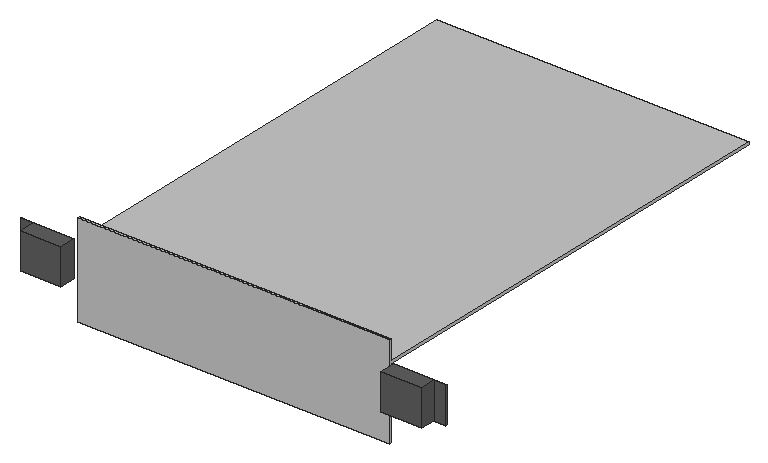
Revit family "PAL", category Specialty Equipment, host Floor, Revit 2015
Parameters (values of type "106.5 Barrier Lip")
  URL = "http://sercoentrematic.com/"
  Model = "PAL"
  Manufacturer = "Serco Entrematic"
  Description = "Power Assist Leveler"
  LipExtension = 0' - 5"
  PitWidth = 6' - 7"
  PitLength = 9' - 3"
  PitDepthR = PitDepth - 0' 0 1/2"  # 1' - 11 1/2"
  PitDepth = 2' - 0"
  LipLength = 1' - 6"
  Curb = 0' - 3"
  Capacity = "30-50k"
Types (18): name | LipExtension | PitWidth | PitLength | PitDepthR | PitDepth
  6 | 0' - 0" | 6' - 1" | 5' - 3" | 1' - 7 1/2" | 1' - 8"
  86 | 0' - 0" | 6' - 1" | 7' - 3" | 1' - 7 1/2" | 1' - 8"
  66.5 | 0' - 0" | 6' - 7" | 5' - 3" | 1' - 7 1/2" | 1' - 8"
  86.5 | 0' - 0" | 6' - 7" | 7' - 3" | 1' - 7 1/2" | 1' - 8"
  67 | 0' - 0" | 7' - 1" | 5' - 3" | 1' - 7 1/2" | 1' - 8"
  87 | 0' - 0" | 7' - 1" | 7' - 3" | 1' - 7 1/2" | 1' - 8"
  106 | 0' - 0" | 6' - 1" | 9' - 3" | 1' - 11 1/2" | 2' - 0"
  106.5 | 0' - 0" | 6' - 7" | 9' - 3" | 1' - 11 1/2" | 2' - 0"
  107 | 0' - 0" | 7' - 1" | 9' - 3" | 1' - 11 1/2" | 2' - 0"
  106 Barrier Lip | 0' - 5" | 6' - 1" | 9' - 3" | 1' - 11 1/2" | 2' - 0"
  106.5 Barrier Lip | 0' - 5" | 6' - 7" | 9' - 3" | 1' - 11 1/2" | 2' - 0"
  107 Barrier Lip | 0' - 5" | 7' - 1" | 9' - 3" | 1' - 11 1/2" | 2' - 0"
  6 Barrier Lip | 0' - 5" | 6' - 1" | 5' - 3" | 1' - 7 1/2" | 1' - 8"
  66.5 Barrier Lip | 0' - 5" | 6' - 7" | 5' - 3" | 1' - 7 1/2" | 1' - 8"
  67 Barrier Lip | 0' - 5" | 7' - 1" | 5' - 3" | 1' - 7 1/2" | 1' - 8"
  86 Barrier Lip | 0' - 5" | 6' - 1" | 7' - 3" | 1' - 7 1/2" | 1' - 8"
  86.5 Barrier Lip | 0' - 5" | 6' - 7" | 7' - 3" | 1' - 7 1/2" | 1' - 8"
  87 Barrier Lip | 0' - 5" | 7' - 1" | 7' - 3" | 1' - 7 1/2" | 1' - 8"
Reference planes (in)
  plane 1 "Center (Front/Back)": y = 0
  plane 2: z = 0
  plane 3 "Center (Left/Right)": x = 0
  plane 4 "Lip Width": y = -59.5
  plane 5 "pit right": x = 39.5
  plane 6 "Pit left": x = -39.5
  plane 7 "pit rear": y = 51
  plane 8 "curb angle left": x = -42.5
  plane 9: x = -38.5
  plane 10 "curb angle right": x = 42.5
  plane 11: x = 38.5
  plane 12 "curb angle rear": y = 54
  plane 13 "Curb angle - Front": y = -57
  plane 14 "Edge of Dock": y = -60
  plane 15: z = -0.5
  plane 16: z = -23.5
  plane 17: z = -24
  plane 18: y = 39
  plane 19: y = -48
  plane 20 "Lip Length": z = -18
  plane 21: x = 60.5
  plane 22: x = -60.5
  plane 23: z = -3
  plane 24: z = -27
  plane 25: z = 0
  plane 26: z = 5
  plane 27: z = -12
  plane 28: x = 14
  plane 29: y = -60.25
  plane 30: x = -49.625
  plane 31: x = 49.625
  plane 32: y = -64
  plane 33: x = -52.625
  plane 34: x = 52.625
  plane 35: z = -9
Forms (in)
  Extrusion 1, void
    sketch origin (0, 0, 0) x (0, 1, 0) y (0, 0, 1)
      loop
        line (51, 0) -> (-60, 0) -> (-60, -24) -> (-48, -24) -> (39, -23.5) -> (51, -23.5) -> (51, 0)
    from -39.5 to 39.5
  Extrusion 2, solid, material "Serco Diamond"
    sketch origin (0, 0, 0) x (1, 0, 0) y (0, 1, 0)
      loop
        line (-38.5, 51) -> (-38.5, -60) -> (38.5, -60) -> (38.5, 51) -> (-38.5, 51)
    from -0.5 to 0
  Extrusion 3, solid, material "Serco Diamond"
    sketch origin (0, 0, 0) x (1, 0, 0) y (0, 0, 1)
      loop
        line (-38.5, 5) -> (-38.5, -18) -> (38.5, -18) -> (38.5, 5) -> (-38.5, 5)
    from 59.5 to 60
  Extrusion 4, solid, material "BUMPER"
    sketch origin (0, 0, 0) x (-1, 0, 0) y (0, -1, 0)
      loop
        line (39.5, 60) -> (52.625, 60) -> (52.625, 60.25) -> (49.625, 60.25) -> (49.625, 64) -> (39.5, 64) -> (39.5, 60)
      loop
        line (-39.5, 60) -> (-39.5, 64) -> (-49.625, 64) -> (-49.625, 60.25) -> (-52.625, 60.25) -> (-52.625, 60) -> (-39.5, 60)
    from -9 to 0
Cuts and joins
  joined: Extrusion 2, Extrusion 3
Lines and regions (in)
  model lines
    curve 1: line (-42.5, 54, 0) -> (42.5, 54, 0)
    curve 2: line (42.5, 54, 0) -> (42.5, 51, 0)
    curve 3: line (42.5, 51, 0) -> (-42.5, 51, 0)
    curve 4: line (-42.5, 51, 0) -> (-42.5, 54, 0)
    curve 5: line (-42.5, 51, 0) -> (-42.5, -57, 0)
    curve 6: line (-39.5, -57, 0) -> (-39.5, 51, 0)
    curve 7: line (-39.5, -57, 0) -> (-60.5, -57, 0)
    curve 8: line (-60.5, -57, 0) -> (-60.5, -60, 0)
    curve 9: line (-60.5, -60, 0) -> (-39.5, -60, 0)
    curve 10: line (42.5, 51, 0) -> (42.5, -57, 0)
    curve 11: line (39.5, -57, 0) -> (39.5, 51, 0)
    curve 12: line (39.5, -60, 0) -> (60.5, -60, 0)
    curve 13: line (60.5, -60, 0) -> (60.5, -57, 0)
    curve 14: line (60.5, -57, 0) -> (39.5, -57, 0)
    curve 15: line (-60.5, -60, 0) -> (-60.5, -60, -3)
    curve 16: line (-60.5, -60, -3) -> (-39.5, -60, -3)
    curve 17: line (-39.5, -60, -3) -> (-39.5, -60, 0)
    curve 18: line (-42.5, -60, -3) -> (-42.5, -60, -27)
    curve 19: line (-42.5, -60, -24) -> (-39.5, -60, -24)
    curve 20: line (-42.5, -60, -27) -> (42.5, -60, -27)
    curve 21: line (42.5, -60, -27) -> (42.5, -60, -3)
    curve 22: line (39.5, -60, -24) -> (42.5, -60, -24)
    curve 23: line (39.5, -60, -24) -> (39.5, -60, 0)
    curve 24: line (39.5, -60, -3) -> (60.5, -60, -3)
    curve 25: line (60.5, -60, -3) -> (60.5, -60, 0)
    curve 26: line (-39.5, -60, -3) -> (-39.5, -60, -24)
    curve 27: line (-39.5, -60, -24) -> (39.5, -60, -24)
    curve 28: line (-39.5, -57, 0) -> (-39.5, -60, 0)
    curve 29: line (39.5, -57, 0) -> (39.5, -60, 0)
Dimensions and locks (in)
  equal spacing: host sketch curve, plane 1 "Center (Front/Back)", host sketch curve
  equal spacing: host sketch curve, plane 3 "Center (Left/Right)", host sketch curve
  host sketch curve to host sketch curve = 10' - 0"  (x2)
  equal spacing: plane 6 "Pit left", plane 3 "Center (Left/Right)", plane 5 "pit right"
  "PitWidth": plane 6 "Pit left" to plane 5 "pit right"
  "PitLength": plane 14 "Edge of Dock" to plane 7 "pit rear"
  "Curb": plane 8 "curb angle left" to plane 6 "Pit left"
  locked: plane 6 "Pit left" to plane 9 at 1
  locked: plane 11 to plane 5 "pit right" at 1
  "Curb": plane 5 "pit right" to plane 10 "curb angle right"
  "Curb": plane 7 "pit rear" to plane 12 "curb angle rear"
  "Curb": plane 14 "Edge of Dock" to plane 13 "Curb angle - Front"
  "PitDepthR": level to plane 16
  "PitDepth": level to plane 17
  locked: plane 7 "pit rear" to plane 18 at 12
  locked: plane 19 to plane 14 "Edge of Dock" at 12
  "LipLength": level to plane 20 "Lip Length"
  locked: plane 22 to plane 6 "Pit left" at 21
  locked: plane 5 "pit right" to plane 21 at 21
  "LipExtension": plane 26 to level
  locked: plane 24 to plane 17 at 3
  locked: level to plane 15 at 0.5
  locked: plane 14 "Edge of Dock" to plane 4 "Lip Width" at 0.5
  locked: plane 3 "Center (Left/Right)" to plane 28 at 14
  locked: level to plane 27 at 12
  locked: connector elem to plane 7 "pit rear" at 9
  locked: plane 16 to connector elem at 5
  locked: plane 29 to curve 9 at 0.25
  locked: plane 30 to plane 6 "Pit left" at 10.125
  locked: plane 32 to curve 9 at 4
  locked: plane 33 to plane 6 "Pit left" at 13.125
  locked: plane 5 "pit right" to plane 31 at 10.125
  locked: plane 5 "pit right" to plane 34 at 13.125
  locked: level to plane 35 at 9
  aligned and locked: level to plane 2
  aligned and locked: plane 14 "Edge of Dock" to host floor
  aligned and locked: plane 19 to Extrusion 1 sketch curve
  aligned and locked: plane 16 to Extrusion 1 sketch curve
  aligned and locked: Extrusion 1 sketch curve to plane 18
  aligned and locked: plane 17 to Extrusion 1 sketch curve
  aligned and locked: Extrusion 1 sketch curve to plane 14 "Edge of Dock"
  aligned and locked: Extrusion 1 to plane 6 "Pit left"
  aligned and locked: Extrusion 1 to plane 5 "pit right"
  aligned and locked: plane 7 "pit rear" to Extrusion 2 sketch curve
  aligned and locked: Extrusion 2 sketch curve to plane 9
  aligned and locked: Extrusion 2 sketch curve to plane 14 "Edge of Dock"
  aligned and locked: Extrusion 2 to plane 15
  aligned and locked: level to Extrusion 2
  aligned and locked: Extrusion 3 sketch curve to Extrusion 2
  aligned and locked: plane 20 "Lip Length" to Extrusion 3 sketch curve
  aligned and locked: Extrusion 3 sketch curve to plane 11
  aligned and locked: Extrusion 3 to plane 14 "Edge of Dock"
  aligned and locked: Extrusion 3 to plane 4 "Lip Width"
  aligned and locked: Extrusion 2 sketch curve to plane 11
  aligned and locked: curve 7 to plane 13 "Curb angle - Front"
  aligned and locked: curve 8 to plane 22
  aligned and locked: curve 5 to plane 8 "curb angle left"
  aligned and locked: plane 6 "Pit left" to curve 6
  aligned and locked: curve 3 to plane 7 "pit rear"
  aligned and locked: plane 12 "curb angle rear" to curve 1
  aligned and locked: curve 2 to plane 10 "curb angle right"
  aligned and locked: plane 5 "pit right" to curve 11
  aligned and locked: curve 10 to plane 10 "curb angle right"
  aligned and locked: curve 14 to plane 13 "Curb angle - Front"
  aligned and locked: plane 14 "Edge of Dock" to curve 12
  aligned and locked: curve 13 to plane 21
  aligned and locked: plane 24 to curve 18
  aligned and locked: curve 16 to plane 23
  aligned and locked: curve 15 to plane 22
  aligned and locked: plane 6 "Pit left" to curve 17
  aligned and locked: curve 22 to plane 5 "pit right"
  aligned and locked: curve 21 to plane 10 "curb angle right"
  aligned and locked: curve 22 to plane 17
  aligned and locked: curve 25 to plane 21
  aligned and locked: curve 19 to curve 27
  aligned and locked: curve 9 to plane 14 "Edge of Dock"
  aligned and locked: plane 26 to Extrusion 3 sketch curve
  aligned and locked: plane 23 to curve 24
  aligned and locked: plane 24 to curve 20
  aligned and locked: cut or joined group of Extrusion 2, Extrusion 3 to plane 7 "pit rear"
  aligned and locked: Extrusion 1 sketch curve to plane 7 "pit rear"
  aligned and locked: Extrusion 4 sketch curve to plane 30
  aligned and locked: Extrusion 4 sketch curve to plane 29
  aligned and locked: plane 32 to Extrusion 4 sketch curve  (x2)
  aligned and locked: Extrusion 4 sketch curve to plane 5 "pit right"
  aligned and locked: Extrusion 4 sketch curve to plane 31
  aligned and locked: Extrusion 4 sketch curve to plane 33
  aligned and locked: Extrusion 4 sketch curve to curve 9
  aligned and locked: Extrusion 4 sketch curve to plane 6 "Pit left"
  aligned and locked: Extrusion 4 sketch curve to curve 12
  aligned and locked: Extrusion 4 sketch curve to plane 34
  aligned and locked: plane 29 to Extrusion 4 sketch curve
  aligned and locked: level to Extrusion 4
  aligned and locked: plane 35 to Extrusion 4
Automatic sketch dimensions
  Extrusion 1 sketch curve to level = 0' - 0"
  curve 25 to level = 0' - 0"
  curve 18 to plane 23 = 0' - 0"
  curve 23 to level = 0' - 0"
  curve 17 to level = 0' - 0"
  curve 15 to level = 0' - 0"
  curve 27 to plane 17 = 0' - 0"
  plane 8 "curb angle left" to curve 20 = 0' - 0"
  plane 21 to curve 25 = 0' - 0"
Connectors (in)
  electrical at (39.5, 42, -18.5)
    settings: on plane 5 "pit right", index 1, voltage 120 V, apparent load 0 VA, apparent load phase1 0 VA, apparent load phase2 0 VA, apparent load phase3 0 VA, power factor 1, load classification "Other", number of poles 1, system type 31, power factor state 1, is connector primary yes, connector utility no, sub classification motor no, connector description ""
